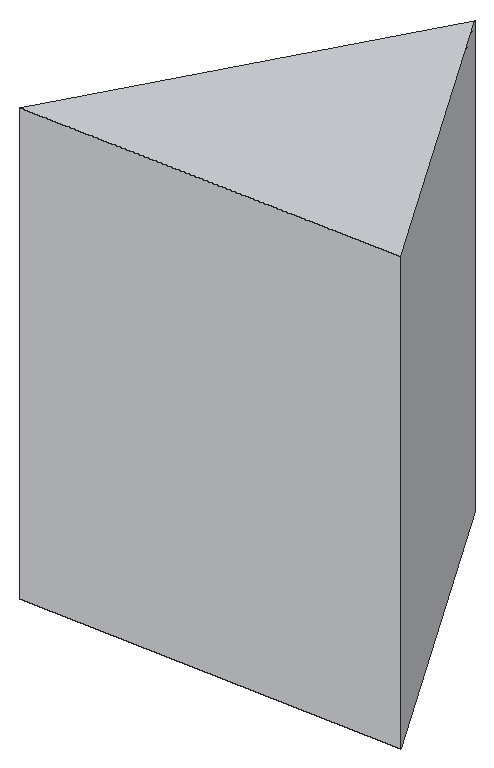
Revit family "CeilingHosted", category Generic Models, host Ceiling, Revit 2018
Family settings
  Host = Ceiling
  Can host rebar = No
  Round Connector Dimension = Use Diameter
  Part Type = Normal
  Always vertical = Yes
  Cut with Voids When Loaded = No
  Shared = No
  Room Calculation Point = No
Reference planes (in)
  plane 1 "Center (Front/Back)": y = 0
  plane 2 "Ceiling": z = 96
  plane 3 "Center (Left/Right)": x = 0
Forms (in)
  Extrusion 1, solid
    sketch origin (0, 0, 96) x (1, 0, 0) y (0, 1, 0)
      loop
        line (0, 6) -> (-5.19615, -3) -> (5.19615, -3) -> (0, 6)
    from 0 to 12
Dimensions and locks (in)
  equal spacing: host sketch curve, plane 3 "Center (Left/Right)", host sketch curve
  equal spacing: host sketch curve, plane 1 "Center (Front/Back)", host sketch curve
  host sketch curve to host sketch curve = 10' - 0"  (x2)
